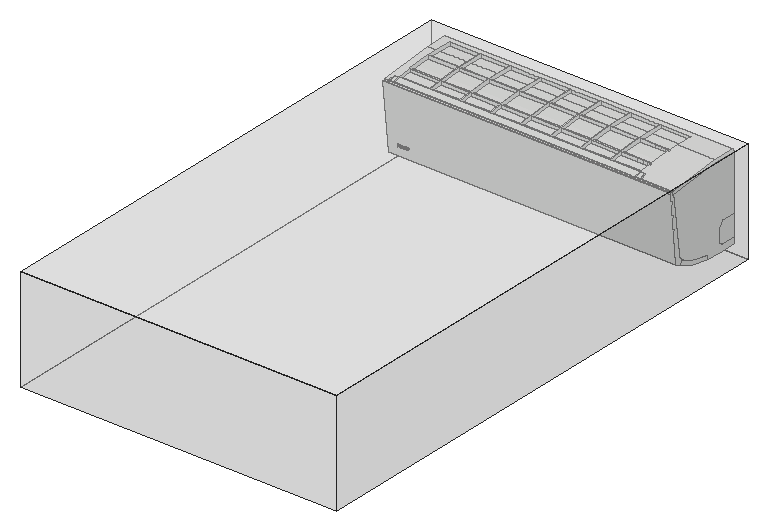
Revit family "outputfile", category 機械設備, Revit 2024
Family settings
  丸型コネクタ寸法 = 半径を使用
  パーツ タイプ = 標準
  OmniClass 番号 = 23.75.10.24.21.27.27
  OmniClass タイトル = Split System Air Conditioning Units
  作業面ベース = いいえ
  常に垂直 = はい
  ロード時にボイドで切り取り = いいえ
  注釈の向きを維持 = いいえ
  共有 = いいえ
  部屋計算ポイント = いいえ
Parameters (values of type "FTKF60DVA")
  Description = ""
  書き出し IFC クラス(タイプ) = "IfcUnitaryEquipmentType"
  定義済み IFC タイプ(タイプ) = "AIRCONDITIONINGUNIT"
  Cost = 0
  Type Comments = ""
  Keynote = ""
  Type Image = (empty or 0)
  Assembly Code = ""
  switch_frequency = yes
  lw_connection [instance] = if(Width = 730.0 mm, 85.0 mm, if(Width = 770.0 mm, 48.0 mm, 60.0 mm))  # 60.0 mm
  製造元 = "Daikin"
  モデル = "FTKF60DVA"
  r_Liquid Pipe Size = Liquid Pipe Size / 2  # 3.2 mm
  r_Gas Pipe Size = Gas Pipe Size / 2  # 6.35 mm
  r_Drain Pipe Size = Drain Pipe Size / 2  # 9.55 mm
  lw_powersupply [instance] = if(Width = 730.0 mm, if(or(Rear Right Connection_refrigerant, Bottom Right Connection_refrigerant), 65.0 mm, if(or(Rear Left Connection_refrigerant, Bottom Left Connection_refrigerant), 695.0 mm, 400.0 mm)), if(Width = 770.0 mm, if(or(Rear Right Connection_refrigerant, Bottom Right Connection_refrigerant), 68.0 mm, if(or(Rear Left Connection_refrigerant, Bottom Left Connection_refrigerant), 705.0 mm, 400.0 mm)), if(or(Rear Right Connection_refrigerant, Bottom Right Connection_refrigerant), 83.0 mm, if(or(Rear Left Connection_refrigerant, Bottom Left Connection_refrigerant), 928.0 mm, 400.0 mm))))  # 400.0 mm
  lw_liquidpipe [instance] = if(Width = 730.0 mm, if(or(Rear Right Connection_refrigerant, Bottom Right Connection_refrigerant), 0.0 mm, if(or(Rear Left Connection_refrigerant, Bottom Left Connection_refrigerant), 582.0 mm, 473.0 mm)), if(Width = 770.0 mm, if(or(Rear Right Connection_refrigerant, Bottom Right Connection_refrigerant), 0.0 mm, if(or(Rear Left Connection_refrigerant, Bottom Left Connection_refrigerant), 682.0 mm, 385.0 mm)), if(or(Rear Right Connection_refrigerant, Bottom Right Connection_refrigerant), 10.0 mm, if(or(Rear Left Connection_refrigerant, Bottom Left Connection_refrigerant), 858.0 mm, 435.0 mm))))  # 435.0 mm
  lw_gaspipe [instance] = if(Width = 730.0 mm, if(or(Rear Right Connection_refrigerant, Bottom Right Connection_refrigerant), 0.0 mm, if(or(Rear Left Connection_refrigerant, Bottom Left Connection_refrigerant), 576.0 mm, 428.0 mm)), if(Width = 770.0 mm, if(or(Rear Right Connection_refrigerant, Bottom Right Connection_refrigerant), 0.0 mm, if(or(Rear Left Connection_refrigerant, Bottom Left Connection_refrigerant), 675.0 mm, 335.0 mm)), if(or(Rear Right Connection_refrigerant, Bottom Right Connection_refrigerant), 0.0 mm, if(or(Rear Left Connection_refrigerant, Bottom Left Connection_refrigerant), 851.0 mm, 400.0 mm))))  # 400.0 mm
  lw_drainpipe [instance] = if(Width = 730.0 mm, if(or(Rear Right Connection_refrigerant, Bottom Right Connection_refrigerant), 0.0 mm, if(or(Rear Left Connection_refrigerant, Bottom Left Connection_refrigerant), 590.0 mm, 488.0 mm)), if(Width = 770.0 mm, if(or(Rear Right Connection_refrigerant, Bottom Right Connection_refrigerant), 0.0 mm, if(or(Rear Left Connection_refrigerant, Bottom Left Connection_refrigerant), 695.0 mm, 440.0 mm)), if(or(Rear Right Connection_refrigerant, Bottom Right Connection_refrigerant), 0.0 mm, if(or(Rear Left Connection_refrigerant, Bottom Left Connection_refrigerant), 888.0 mm, 475.0 mm))))  # 475.0 mm
  l_powersupply_length [instance] = if(Width = 730.0 mm, if(Right Connection_refrigerant, 400.0 mm, if(Left Connection_refrigerant, 330.0 mm, if(or(Bottom Left Connection_refrigerant, Bottom Right Connection_refrigerant), 57.0 mm, if(or(Rear Left Connection_refrigerant, Rear Right Connection_refrigerant), 15.0 mm, 50.0 mm)))), if(Width = 770.0 mm, if(Right Connection_refrigerant, 400.0 mm, if(Left Connection_refrigerant, 370.0 mm, if(or(Bottom Left Connection_refrigerant, Bottom Right Connection_refrigerant), 57.0 mm, if(or(Rear Left Connection_refrigerant, Rear Right Connection_refrigerant), 15.0 mm, 50.0 mm)))), if(Right Connection_refrigerant, 400.0 mm, if(Left Connection_refrigerant, 590.0 mm, if(or(Bottom Left Connection_refrigerant, Bottom Right Connection_refrigerant), 57.0 mm, if(or(Rear Left Connection_refrigerant, Rear Right Connection_refrigerant), 15.0 mm, 50.0 mm))))))  # 400.0 mm
  l_liquidpipe_length [instance] = if(Width = 730.0 mm, if(Right Connection_refrigerant, 558.0 mm, if(Left Connection_refrigerant, 172.0 mm, if(or(Bottom Left Connection_refrigerant, Bottom Right Connection_refrigerant), 48.0 mm, if(or(Rear Left Connection_refrigerant, Rear Right Connection_refrigerant), 30.0 mm, 40.0 mm)))), if(Width = 770.0 mm, if(Right Connection_refrigerant, 433.0 mm, if(Left Connection_refrigerant, 337.0 mm, if(or(Bottom Left Connection_refrigerant, Bottom Right Connection_refrigerant), 48.0 mm, if(or(Rear Left Connection_refrigerant, Rear Right Connection_refrigerant), 30.0 mm, 40.0 mm)))), if(Right Connection_refrigerant, 495.0 mm, if(Left Connection_refrigerant, 495.0 mm, if(or(Bottom Left Connection_refrigerant, Bottom Right Connection_refrigerant), 48.0 mm, if(or(Rear Left Connection_refrigerant, Rear Right Connection_refrigerant), 30.0 mm, 40.0 mm))))))  # 495.0 mm
  l_gaspipe_length [instance] = if(Width = 730.0 mm, if(Right Connection_refrigerant, 513.0 mm, if(Left Connection_refrigerant, 217.0 mm, if(or(Bottom Left Connection_refrigerant, Bottom Right Connection_refrigerant), 57.0 mm, if(or(Rear Left Connection_refrigerant, Rear Right Connection_refrigerant), 40.0 mm, 50.0 mm)))), if(Width = 770.0 mm, if(Right Connection_refrigerant, 383.0 mm, if(Left Connection_refrigerant, 387.0 mm, if(or(Bottom Left Connection_refrigerant, Bottom Right Connection_refrigerant), 57.0 mm, if(or(Rear Left Connection_refrigerant, Rear Right Connection_refrigerant), 40.0 mm, 50.0 mm)))), if(Right Connection_refrigerant, 460.0 mm, if(Left Connection_refrigerant, 530.0 mm, if(or(Bottom Left Connection_refrigerant, Bottom Right Connection_refrigerant), 57.0 mm, if(or(Rear Left Connection_refrigerant, Rear Right Connection_refrigerant), 40.0 mm, 50.0 mm))))))  # 460.0 mm
  l_drainpipe_length [instance] = if(Width = 730.0 mm, if(Right Connection_refrigerant, 573.0 mm, if(Left Connection_refrigerant, 157.0 mm, if(or(Bottom Left Connection_refrigerant, Bottom Right Connection_refrigerant), 35.0 mm, if(or(Rear Left Connection_refrigerant, Rear Right Connection_refrigerant), 15.0 mm, 20.0 mm)))), if(Width = 770.0 mm, if(Right Connection_refrigerant, 488.0 mm, if(Left Connection_refrigerant, 282.0 mm, if(or(Bottom Left Connection_refrigerant, Bottom Right Connection_refrigerant), 35.0 mm, if(or(Rear Left Connection_refrigerant, Rear Right Connection_refrigerant), 15.0 mm, 20.0 mm)))), if(Right Connection_refrigerant, 535.0 mm, if(Left Connection_refrigerant, 455.0 mm, if(or(Bottom Left Connection_refrigerant, Bottom Right Connection_refrigerant), 35.0 mm, if(or(Rear Left Connection_refrigerant, Rear Right Connection_refrigerant), 15.0 mm, 20.0 mm))))))  # 535.0 mm
  h*** = 0.0 mm  # constant formula
  connector_voltage = Voltage_60Hz  # 220 V
  connector_powerinput = [Power Input (Cooling)]  # 0.000 kW
  connector_phase = Phase_60Hz  # 1
  angle_vertical [instance] = if(or(Bottom Left Connection_refrigerant, Bottom Right Connection_refrigerant), 0.00°, 90.00°)  # 90.00°
  angle_horizontal [instance] = if(Right Connection_refrigerant, 90.00°, if(Left Connection_refrigerant, -90.00°, if(or(Rear Left Connection_refrigerant, Rear Right Connection_refrigerant), 180.00°, 0.00°)))  # 90.00°
  Width = 990.0 mm
  Voltage_comment_60Hz = "220"
  Voltage_60Hz = 220 V
  Version = "ver.1.0"
  Unit Type = "Wall Mounted"
  Unit Mass Weight = 13.00 kg
  Unit Designation [instance] = ""
  Uniclass2015Version = "Products v1.30"
  Uniclass2015Title = "Split coil room air conditioning units"
  Uniclass2015Code = "Pr_70_65_03_86"
  URL = ""
  Total Cooling Capacity [instance] = 0.000 kW
  Sound Pressure Level_M speed (dBA) = 41
  Sound Pressure Level_L speed (dBA) = 36
  Sound Pressure Level_H speed (dBA) = 43
  Sound Power Level_H speed (dB) = 0
  Series = "Single Split_Fan Coil Unit"
  Sensible Cooling Capacity [instance] = 0.000 kW
  Refrigerant Type = "R32"
  Power Input (Cooling) = 0.000 kW
  Phase_60Hz = 1
  Option Accessory 3 [instance] = ""
  Option Accessory 2 [instance] = ""
  Option Accessory 1 [instance] = ""
  Nominal Cooling Capacity = 6.590 kW
  Minimum Circuit Amps_60Hz = 0.0 A
  Minimum Airflow = 816.00 m³/h
  Median Airflow = 951.00 m³/h
  Maximum Fuse Amps_60Hz = 0.0 A
  Maximum Airflow = 1090.00 m³/h
  Material_Casing = DAIKIN_White_Casing_indoorunit
  Load Classification = HVAC
  Liquid Pipe Size = 6.4 mm
  Link_Nested Family [instance] = ""
  IfcVersion = ""
  IfcExportType = "AIRCONDITIONINGUNIT"
  IfcExportAs = "IfcUnitaryEquipmentType"
  Height = 297.0 mm
  Heat Exchanger Type = "Cross Fin Coil"
  Gas Pipe Size = 12.7 mm
  Frequency_60Hz = 60 Hz
  Fan Type = "Cross Flow Fan"
  Fan Drive = "Direct Drive"
  FCU Tag No. [instance] = ""
  Drain Pipe Size = 19.1 mm
  Design Supply Airflow [instance] = 0.00 m³/h
  Depth = 273.0 mm
  既定の高さ = 0.0 mm
  Cooling Entering Wet Bulb Temperature [instance] = 0.00 °C
  Cooling Entering Dry Bulb Temperature [instance] = 0.00 °C
  Cooling Ambient Wet Bulb Temperature [instance] = 0.00 °C
  Cooling Ambient Dry Bulb Temperature [instance] = 0.00 °C
  Clearance visibility [instance] = yes
  Clearance Top = 30.0 mm
  Clearance Right = 50.0 mm
  Clearance Rear = 0.0 mm
  Clearance Left = 50.0 mm
  Clearance Front = 1500.0 mm
  Clearance Bottom = 30.0 mm
  Bottom Right Connection_refrigerant [instance] = no
  Bottom Left Connection_refrigerant [instance] = no
  Rear Right Connection_refrigerant [instance] = no
  Rear Left Connection_refrigerant [instance] = no
  Right Connection_refrigerant [instance] = yes
  Left Connection_refrigerant [instance] = no
Reference planes
  plane 1 "Back": y = 0
  plane 2: z = 0
  plane 3 "Center (Left/Right)": x = 0
  plane 4 "Center (Front/Back)": y = -136.5
  plane 5 "Front": y = -273
  plane 6 "Left": x = -495
  plane 7 "Right": x = 495
  plane 8 "Top": z = 0
  plane 9 "Bottom": z = -297
  plane 10 "Front panel_Left": x = -493
  plane 11 "Front panel_Right": x = 493
  plane 12: x = 359
  plane 13: x = 354
  plane 14: x = -545
  plane 15: x = 545
  plane 16: y = 0
  plane 17: y = -213
  plane 18: z = 30
  plane 19: z = -327
  plane 20 "lw_Piping and Wiring intake": x = 435
  plane 21 "lw_gaspipe": x = 35
  plane 22 "lw_liquidpipe": x = 0
  plane 23 "lw_drainpipe": x = -40
  plane 24 "lh_drainpipe": z = -262
  plane 25 "lh_liquidpipe": z = -249
  plane 26 "lh_gaspipe": z = -240
  plane 27 "ld_drainpipe": y = -15
  plane 28 "ld_liquidpipe": y = -30
  plane 29 "ld_gaspipe": y = -40
  plane 30 "lw_powersupply": x = 95
  plane 31: y = -1773
Dimensions and locks
  equal spacing: plane 6 "Left", plane 3 "Center (Left/Right)", plane 7 "Right"
  "Width": plane 6 "Left" to plane 7 "Right"
  equal spacing: plane 5 "Front", plane 4 "Center (Front/Back)", plane 1 "Back"
  "Depth": plane 5 "Front" to plane 1 "Back"
  "Height": plane 8 "Top" to plane 9 "Bottom"
  locked: plane 10 "Front panel_Left" to plane 6 "Left" at 2
  locked: plane 7 "Right" to plane 11 "Front panel_Right" at 2
  locked: plane 7 "Right" to plane 12 at 136
  locked: plane 12 to plane 13 at 5
  "Clearance Rear": plane 16 to plane 1 "Back"
  "Clearance Top": plane 18 to plane 8 "Top"
  "Clearance Bottom": plane 9 "Bottom" to plane 19
  "lw_connection": plane 20 "lw_Piping and Wiring intake" to plane 7 "Right"
  "lw_gaspipe": plane 21 "lw_gaspipe" to plane 20 "lw_Piping and Wiring intake"
  "lw_liquidpipe": plane 22 "lw_liquidpipe" to plane 20 "lw_Piping and Wiring intake"
  "lw_drainpipe": plane 23 "lw_drainpipe" to plane 20 "lw_Piping and Wiring intake"
  locked: plane 24 "lh_drainpipe" to plane 9 "Bottom" at 35
  locked: plane 25 "lh_liquidpipe" to plane 9 "Bottom" at 48
  locked: plane 26 "lh_gaspipe" to plane 9 "Bottom" at 57
  locked: plane 27 "ld_drainpipe" to plane 1 "Back" at 15
  locked: plane 1 "Back" to plane 28 "ld_liquidpipe" at 30
  locked: plane 1 "Back" to plane 29 "ld_gaspipe" at 40
  "lw_powersupply": plane 30 "lw_powersupply" to plane 7 "Right"
  "Clearance Right": plane 7 "Right" to plane 15
  "Clearance Left": plane 14 to plane 6 "Left"
  "Clearance Front": plane 5 "Front" to plane 31
  aligned and locked: level to plane 2
  aligned and locked: plane 16 to nested 1
  aligned and locked: nested 1 to plane 14
  aligned and locked: nested 1 to plane 15
  aligned and locked: plane 19 to nested 1
  aligned and locked: plane 18 to nested 1
  aligned and locked: plane 21 "lw_gaspipe" to nested 2
  aligned and locked: nested 2 to plane 29 "ld_gaspipe"
  aligned and locked: plane 22 "lw_liquidpipe" to nested 3
  aligned and locked: nested 3 to plane 28 "ld_liquidpipe"
  aligned and locked: plane 23 "lw_drainpipe" to nested 4
  aligned and locked: nested 4 to plane 27 "ld_drainpipe"
  aligned and locked: nested 5 to plane 27 "ld_drainpipe"
  aligned and locked: plane 30 "lw_powersupply" to nested 5
  aligned and locked: level to plane 8 "Top"
  aligned and locked: nested 1 to plane 31
Nested families
  nested 1: "daikin_clearancespace" at (0, -886.5, -148.381), show <- "Clearance visibility", visible <- "Clearance visibility", Link_Nested Family <- "Link_Nested Family", type "daikin_clearancespace"
    with width 1090.0 mm, show yes, height 357.0 mm, depth 1773.0 mm, Link_Nested Family ""
  nested 2: "daikin_connector_rotate3" at (35, -40, -240), angle_vertical <- "angle_vertical", angle_horizontal <- "angle_horizontal", length <- "l_gaspipe_length", radius <- "r_Gas Pipe Size", type "daikin_connector_rotate3"
    with show no, radius 6.35 mm, length 460.0 mm, angle_vertical 90.00°, angle_horizontal 90.00°
  nested 3: "daikin_connector_rotate3" at (0, -30, -249), angle_vertical <- "angle_vertical", angle_horizontal <- "angle_horizontal", radius <- "r_Liquid Pipe Size", length <- "l_liquidpipe_length", type "daikin_connector_rotate3"
    with show no, radius 3.2 mm, length 495.0 mm, angle_vertical 90.00°, angle_horizontal 90.00°
  nested 4: "daikin_connector_rotate3" at (-40, -15, -262), angle_vertical <- "angle_vertical", angle_horizontal <- "angle_horizontal", length <- "l_drainpipe_length", radius <- "r_Drain Pipe Size", type "daikin_connector_rotate3"
    with show no, radius 9.55 mm, length 535.0 mm, angle_vertical 90.00°, angle_horizontal 90.00°
  nested 5: "daikin_connector_rotate3" at (95, -15, -240), angle_vertical <- "angle_vertical", angle_horizontal <- "angle_horizontal", length <- "l_powersupply_length", type "daikin_connector_rotate3"
    with show no, radius 10.0 mm, length 400.0 mm, angle_vertical 90.00°, angle_horizontal 90.00°
  nested 6: "DAIKIN_indoorunit_FTKF-DVA" at (-31, 0, 0), type "FTKF-DVA"
    with switch_unit1_60-71 yes, switch_unit1_20-25 no, Width 990.0 mm, WALL HOLE-R 48.0 mm, Height 297.0 mm
Connectors
  piping at (495, -40, -240), diameter 12.7, driven by "r_Gas Pipe Size"
    settings: on nested 2, index 1, connector inside diameter 609.6 mm, connector length 0.0 mm, flow factor 0, pipe flow 0.00 m³/h, pressure drop 0.0 Pa, fitting loss kfactor 0, connector angle 0.00°, fixture units 0, engagement length 0.0 mm, angle of deflection 0.00°, flow configuration 1, flow direction 2, fitting loss method 0, system type 29, joint type 0, gender type 0, connector reference index -1, connector utility 0, adjustable connector no, is connector primary yes, connector description "Refrigerant Gas Piping"
  piping at (495, -30, -249), diameter 6.4, driven by "r_Liquid Pipe Size"
    settings: on nested 3, index 2, connector inside diameter 609.6 mm, connector length 0.0 mm, flow factor 0, pipe flow 0.00 m³/h, pressure drop 0.0 Pa, fitting loss kfactor 0, connector angle 0.00°, fixture units 0, engagement length 0.0 mm, angle of deflection 0.00°, flow configuration 1, flow direction 1, fitting loss method 0, system type 29, joint type 0, gender type 0, connector reference index -1, connector utility 0, adjustable connector no, is connector primary no, connector description "Refrigerant Liquid Piping"
  piping at (495, -15, -262), diameter 19.1, driven by "r_Drain Pipe Size"
    settings: on nested 4, index 3, connector inside diameter 609.6 mm, connector length 0.0 mm, flow factor 0, pipe flow 0.00 m³/h, pressure drop 0.0 Pa, fitting loss kfactor 0, connector angle 0.00°, fixture units 0, engagement length 0.0 mm, angle of deflection 0.00°, flow configuration 1, flow direction 2, fitting loss method 4, system type 16, joint type 0, gender type 0, connector reference index -1, connector utility 0, adjustable connector no, is connector primary no, connector description "Condensate Drain Piping"
  electrical at (495, -15, -240), driven by "Load Classification", driven by "connector_voltage", driven by "connector_phase", driven by "connector_powerinput"
    settings: on nested 5, index 4, voltage 220 V, apparent load 0 VA, apparent load phase1 0 VA, apparent load phase2 0 VA, apparent load phase3 0 VA, power factor 1, load classification "HVAC", number of poles 1, system type 30, power factor state 1, is connector primary yes, connector utility no, sub classification motor no, connector description "Power Supply"
Definition of nested family "daikin_clearancespace"
  Parameters (values of type "daikin_clearancespace")
    Description = "daikin_clearancespace"
    width [instance] = 1823.963 mm
    show [instance] = yes
    material = none
    height [instance] = 1359.762 mm
    depth [instance] = 880.0 mm
    Default Elevation = 0.0 mm
    Link_Nested Family [instance] = ""
  Reference planes
    plane 1 "Center (Front/Back)": y = 0
    plane 2 "Center (Elevation)": z = -0.119
    plane 3 "Center (Left/Right)": x = 0
    plane 4: y = 440
    plane 5: y = -440
    plane 6 "Right": x = 911.982
    plane 7 "Left": x = -911.982
    plane 8 "Top": z = 679.762
    plane 9 "Bottom": z = -680
  Forms (mm)
    Extrusion 1, solid, material <- "material", visible <- "show"
      sketch origin (0, 0, 0) x (1, 0, 0) y (0, 1, 0)
        loop
          line (-911.982, 440) -> (-911.982, -440) -> (911.982, -440) -> (911.982, 440) -> (-911.982, 440)
      from -680 to 679.762
  Lines and regions (mm)
    symbolic lines, visible <- "show"
      curve 1: line (911.982, 440, 0) -> (-911.982, 440, 0)
      curve 2: line (-911.982, 440, 0) -> (-911.982, -440, 0)
      curve 3: line (-911.982, -440, 0) -> (911.982, -440, 0)
      curve 4: line (911.982, -440, 0) -> (911.982, 440, 0)
      curve 5: line (911.982, 0, 679.762) -> (-911.982, 0, 679.762)
      curve 6: line (911.982, 0, -680) -> (911.982, 0, 679.762)
      curve 7: line (-911.982, 0, -680) -> (911.982, 0, -680)
      curve 8: line (-911.982, 0, 679.762) -> (-911.982, 0, -680)
      curve 9: line (0, 440, 679.762) -> (0, -440, 679.762)
      curve 10: line (0, -440, 679.762) -> (0, -440, -680)
      curve 11: line (0, 440, -680) -> (0, 440, 679.762)
      curve 12: line (0, -440, -680) -> (0, 440, -680)
  Dimensions and locks
    "width": plane 7 "Left" to plane 6 "Right"
    "depth": plane 4 to plane 5
    "height": plane 8 "Top" to plane 9 "Bottom"
    equal spacing: plane 7 "Left", plane 3 "Center (Left/Right)", plane 6 "Right"
    equal spacing: plane 4, plane 1 "Center (Front/Back)", plane 5
    equal spacing: plane 8 "Top", plane 2 "Center (Elevation)", plane 9 "Bottom"
    aligned and locked: level to plane 2 "Center (Elevation)"
    aligned and locked: Extrusion 1 sketch curve to plane 4
    aligned and locked: plane 7 "Left" to Extrusion 1 sketch curve
    aligned and locked: Extrusion 1 sketch curve to plane 5
    aligned and locked: Extrusion 1 sketch curve to plane 6 "Right"
    aligned and locked: plane 8 "Top" to Extrusion 1
    aligned and locked: curve 1 to Extrusion 1
    aligned and locked: curve 2 to Extrusion 1
    aligned and locked: curve 3 to Extrusion 1
    aligned and locked: curve 4 to Extrusion 1
    aligned and locked: curve 5 to Extrusion 1
    aligned and locked: curve 6 to Extrusion 1
    aligned and locked: curve 7 to Extrusion 1
    aligned and locked: curve 8 to Extrusion 1
    aligned and locked: curve 9 to Extrusion 1
    aligned and locked: curve 10 to Extrusion 1
    aligned and locked: curve 11 to Extrusion 1
    aligned and locked: curve 12 to Extrusion 1
    aligned and locked: Extrusion 1 to plane 9 "Bottom"
Definition of nested family "DAIKIN_indoorunit_FTKF-DVA"
  Parameters (values of type "FTKF-DVA")
    switch_unit1_60-71 = Width = 990.0 mm  # no
    switch_unit1_35-50 = Width = 770.0 mm  # no
    switch_unit1_20-25 = Width = 730.0 mm  # yes
    Width = 730.0 mm
    WALL HOLE-R = if(Width = 730.0 mm, 79.0 mm, 48.0 mm)  # 79.0 mm
    Material_Casing = none
    Height = if(Width = 730.0 mm, 280.0 mm, if(Width = 770.0 mm, 288.0 mm, 297.0 mm))  # 280.0 mm
    Default Elevation = 0.0 mm
  Reference planes
    plane 1 "Center (Front/Back)": y = 0
    plane 2 "reference_level": z = 0
    plane 3 "Center (Left/Right)": x = 31
    plane 4: x = -334
    plane 5: x = 396
    plane 6: z = -280
  Forms (mm)
    Extrusion 1, solid, material <- "Material_Casing", visible <- "switch_unit1_20-25"
      sketch origin (31, 0, 0) x (0, 1, 0) y (0, 0, 1)
        loop
          line (-109.519, -8) -> (-2.596, -8) -> (-8.198, 0) -> (-109.608, 0)
          arc (-109.608, 0) -> (-157.226, -5.2) -> (-202.599, -20.555) r 220.623
          line (-202.599, -20.555) -> (-202.447, -29.25)
          arc (-202.447, -29.25) -> (-157.182, -13.38) -> (-109.519, -8) r 213.82
      from -365 to 365
    Extrusion 2, solid, material <- "Material_Casing", visible <- "switch_unit1_20-25"
      sketch origin (416, 1304.033, 1200.206) x (0, 1, 0) y (0, 0, 1)
        loop
          arc (-1496.513, -1423.164) -> (-1487.225, -1434.204) -> (-1476.373, -1443.711) r 95
          arc (-1476.373, -1443.711) -> (-1448.371, -1461.92) -> (-1418.191, -1476.232) r 250
          line (-1418.191, -1476.232) -> (-1418.191, -1465.318)
          arc (-1418.191, -1465.318) -> (-1445.052, -1452.134) -> (-1470.063, -1435.711) r 240
          arc (-1470.063, -1435.711) -> (-1477.766, -1429.186) -> (-1484.641, -1421.794) r 85
          line (-1484.641, -1421.794) -> (-1496.513, -1423.164)
      from -20 to -177
    Extrusion 3, solid, material <- "Material_Casing", visible <- "switch_unit1_20-25"
      sketch origin (31, 0, 0) x (0, 1, 0) y (0, 0, 1)
        loop
          line (-202.769, -10.816) -> (-211.618, -13.692)
          arc (-211.618, -13.692) -> (-212.628, -14.432) -> (-213, -15.629) r 2
          line (-213, -15.629) -> (-210.348, -167.5)
          arc (-210.348, -167.5) -> (-206.029, -195.818) -> (-193.465, -221.562) r 95
          line (-193.465, -221.562) -> (-181.653, -220.199)
          arc (-181.653, -220.199) -> (-195.31, -195.356) -> (-200.037, -167.403) r 85
          line (-200.037, -167.403) -> (-202.769, -10.816)
      from -365 to 365
    Extrusion 4, solid, material <- "Material_Casing", visible <- "switch_unit1_20-25"
      sketch origin (31, 0, 0) x (0, 1, 0) y (0, 0, 1)
        loop
          line (0, -280) -> (0, -11.707) -> (-2.596, -8) -> (-109.519, -8)
          arc (-109.519, -8) -> (-156.378, -13.198) -> (-200.959, -28.539) r 213.82
          line (-200.959, -28.539) -> (-198.537, -167.295)
          arc (-198.537, -167.295) -> (-189.766, -204.754) -> (-165.131, -234.305) r 83.5
          arc (-165.131, -234.305) -> (-139.841, -250.873) -> (-112.659, -264.109) r 238.5
          line (-112.659, -264.109) -> (-112.659, -276.338)
          arc (-112.659, -276.338) -> (-100.834, -279.079) -> (-88.731, -280) r 80
          line (-88.731, -280) -> (0, -280)
      from -365 to 365
    Extrusion 5, solid, material <- "Material_Casing", visible <- "switch_unit1_20-25"
      sketch origin (-354, 1304.033, 1200.206) x (0, 1, 0) y (0, 0, 1)
        loop
          arc (-1496.513, -1423.164) -> (-1487.225, -1434.204) -> (-1476.373, -1443.711) r 95
          arc (-1476.373, -1443.711) -> (-1448.371, -1461.92) -> (-1418.191, -1476.232) r 250
          line (-1418.191, -1476.232) -> (-1418.191, -1465.318)
          arc (-1418.191, -1465.318) -> (-1445.052, -1452.134) -> (-1470.063, -1435.711) r 240
          arc (-1470.063, -1435.711) -> (-1477.766, -1429.186) -> (-1484.641, -1421.794) r 85
          line (-1484.641, -1421.794) -> (-1496.513, -1423.164)
      from 72 to 20
    Extrusion 6, solid, material <- "Material_Casing", visible <- "switch_unit1_20-25"
      sketch origin (31, 7.782, 0.206) x (0, 1, 0) y (0, 0, 1)
        loop
          line (-188.39, -221.794) -> (-200.262, -223.164)
          arc (-200.262, -223.164) -> (-190.975, -234.204) -> (-180.122, -243.711) r 95
          arc (-180.122, -243.711) -> (-152.12, -261.92) -> (-121.941, -276.232) r 250
          line (-121.941, -276.232) -> (-121.941, -265.318)
          arc (-121.941, -265.318) -> (-148.801, -252.134) -> (-173.813, -235.711) r 240
          arc (-173.813, -235.711) -> (-181.515, -229.186) -> (-188.39, -221.794) r 85
      from 204 to -309
    Extrusion 7, void
      sketch origin (31, 0, -235) x (1, 0, 0) y (0, 1, 0)
        loop
          line (-324.633, -72.419) -> (-304, -73.5) -> (-234.9, -73.5) -> (-234.9, -24.5) -> (-324.633, -24.5) -> (-324.633, -72.419)
        loop
          line (-304, -74.9) -> (-324.633, -75.939) -> (-324.633, -139.819) -> (-304, -140.9) -> (-234.9, -140.9) -> (-234.9, -74.9) -> (-304, -74.9)
        loop
          line (-304, -142.3) -> (-324.633, -143.326) -> (-324.633, -182.209) -> (-300, -183.5) -> (-234.9, -183.5) -> (-234.9, -142.3) -> (-304, -142.3)
        loop
          line (-233.5, -142.3) -> (-233.5, -183.5) -> (-146.9, -183.5) -> (-146.9, -142.3) -> (-233.5, -142.3)
        loop
          line (-233.5, -140.9) -> (-146.9, -140.9) -> (-146.9, -74.9) -> (-233.5, -74.9) -> (-233.5, -140.9)
        loop
          line (-233.5, -73.5) -> (-146.9, -73.5) -> (-146.9, -24.5) -> (-233.5, -24.5) -> (-233.5, -73.5)
        loop
          line (-145.5, -73.5) -> (-74.9, -73.5) -> (-54.9, -72.452) -> (-54.9, -24.5) -> (-145.5, -24.5) -> (-145.5, -73.5)
        loop
          line (-145.5, -74.9) -> (-145.5, -140.9) -> (-74.9, -140.9) -> (-54.9, -139.852) -> (-54.9, -75.948) -> (-74.9, -74.9) -> (-145.5, -74.9)
        loop
          line (-145.5, -142.3) -> (-145.5, -183.5) -> (-74.9, -183.5) -> (-54.9, -182.452) -> (-54.9, -143.348) -> (-74.9, -142.3) -> (-145.5, -142.3)
        loop
          line (-53.5, -24.5) -> (-53.5, -72.452) -> (-33.5, -73.5) -> (36.5, -73.5) -> (36.5, -24.5) -> (-53.5, -24.5)
        loop
          line (-53.5, -75.948) -> (-53.5, -139.852) -> (-33.5, -140.9) -> (36.5, -140.9) -> (36.5, -74.9) -> (-33.5, -74.9) -> (-53.5, -75.948)
        loop
          line (-33.5, -142.3) -> (-53.5, -143.348) -> (-53.5, -182.452) -> (-33.5, -183.5) -> (36.5, -183.5) -> (36.5, -142.3) -> (-33.5, -142.3)
        loop
          line (37.9, -24.5) -> (37.9, -73.5) -> (124.9, -73.5) -> (124.9, -24.5) -> (37.9, -24.5)
        loop
          line (37.9, -74.9) -> (37.9, -140.9) -> (124.9, -140.9) -> (124.9, -74.9) -> (37.9, -74.9)
        loop
          line (37.9, -142.3) -> (37.9, -183.5) -> (124.9, -183.5) -> (124.9, -142.3) -> (37.9, -142.3)
        loop
          line (126.3, -24.5) -> (126.3, -73.5) -> (195.6, -73.5) -> (216, -72.431) -> (216, -24.5) -> (126.3, -24.5)
        loop
          line (126.3, -74.9) -> (126.3, -140.9) -> (198.5, -140.9) -> (216, -139.983) -> (216, -75.817) -> (198.5, -74.9) -> (126.3, -74.9)
        loop
          line (126.3, -142.3) -> (126.3, -183.5) -> (198.337, -183.5) -> (216, -182.623) -> (216, -143.217) -> (198.5, -142.3) -> (126.3, -142.3)
      from 201.638 to 250
    Extrusion 8, solid, material <- "Material_Casing"
      sketch origin (31, 0, 0) x (1, 0, 0) y (0, 0, 1)
        loop
          circle (286, -235) r 40
        loop
          circle (-317, -235) r 40
      from 0 to 5
    Extrusion 9, solid, material <- "Material_Casing", visible <- "switch_unit1_20-25"
      sketch origin (396, 1296.25, 1200) x (0, -1, 0) y (0, 0, 1)
        loop
          line (1326.25, -1413) -> (1296.25, -1413) -> (1296.25, -1473) -> (1326.25, -1473)
          arc (1326.25, -1473) -> (1340.393, -1467.142) -> (1346.25, -1453) r 20
          line (1346.25, -1453) -> (1346.25, -1433)
          arc (1346.25, -1433) -> (1340.393, -1418.858) -> (1326.25, -1413) r 20
      from 0 to 5
    Extrusion 10, solid, material <- "Material_Casing", visible <- "switch_unit1_20-25"
      sketch origin (-334, 1296.25, 1200) x (0, 1, 0) y (0, 0, 1)
        loop
          line (-1296.25, -1413) -> (-1326.25, -1413)
          arc (-1326.25, -1413) -> (-1340.393, -1418.858) -> (-1346.25, -1433) r 20
          line (-1346.25, -1433) -> (-1346.25, -1453)
          arc (-1346.25, -1453) -> (-1340.393, -1467.142) -> (-1326.25, -1473) r 20
          line (-1326.25, -1473) -> (-1296.25, -1473) -> (-1296.25, -1413)
      from 0 to 5
    Extrusion 11, solid, material <- "Material_Casing", visible <- "switch_unit1_20-25"
      sketch origin (11, 0, -285) x (-1, 0, 0) y (0, -1, 0)
        loop
          line (-279, 0) -> (-279, 30)
          arc (-279, 30) -> (-284.419, 43.081) -> (-297.5, 48.5) r 18.5
          line (-297.5, 48.5) -> (-320.5, 48.5)
          arc (-320.5, 48.5) -> (-333.581, 43.081) -> (-339, 30) r 18.5
          line (-339, 30) -> (-339, 0) -> (-279, 0)
        loop
          line (326, 0) -> (326, 30)
          arc (326, 30) -> (320.581, 43.081) -> (307.5, 48.5) r 18.5
          line (307.5, 48.5) -> (284.5, 48.5)
          arc (284.5, 48.5) -> (271.419, 43.081) -> (266, 30) r 18.5
          line (266, 30) -> (266, 0) -> (326, 0)
      from 10 to 5
    Extrusion 12, solid, material <- "Material_Casing", visible <- "switch_unit1_35-50"
      sketch origin (31, 0, 0) x (0, 1, 0) y (0, 0, 1)
        loop
          line (-5, 0) -> (-45.84, 0)
          arc (-45.84, 0) -> (-135.906, -3.965) -> (-225.275, -15.831) r 1024.823
          arc (-225.275, -15.831) -> (-224.639, -21.302) -> (-223.878, -26.758) r 241.564
          arc (-223.878, -26.758) -> (-135.207, -14.947) -> (-45.84, -11) r 1013.66
          line (-45.84, -11) -> (0, -11) -> (0, -9.02) -> (-5, 0)
      from -385 to 385
    Extrusion 13, solid, material <- "Material_Casing", visible <- "switch_unit1_35-50"
      sketch origin (31, 0, 0) x (0, 1, 0) y (0, 0, 1)
        loop
          arc (-226.673, -12.416) -> (-229.519, -12.929) -> (-232.363, -13.449) r 1025.776
          arc (-232.363, -13.449) -> (-233.586, -14.198) -> (-233.994, -15.573) r 2
          line (-233.994, -15.573) -> (-218.08, -217.408)
          arc (-218.08, -217.408) -> (-211.296, -237.286) -> (-195.807, -251.472) r 42.415
          line (-195.807, -251.472) -> (-186.556, -243.946)
          arc (-186.556, -243.946) -> (-193.981, -235.221) -> (-197.648, -224.366) r 30.386
          line (-197.648, -224.366) -> (-226.673, -12.416)
      from -385 to 385
    Extrusion 14, void
      sketch origin (33, 0, 0) x (1, 0, 0) y (0, 1, 0)
        loop
          line (-357.499, -23.5) -> (-357.499, -96.7) -> (-255.999, -96.7) -> (-255.999, -23.5) -> (-357.499, -23.5)
        loop
          line (-255.999, -99.1) -> (-357.499, -99.1) -> (-357.499, -170.1) -> (-255.999, -170.1) -> (-255.999, -99.1)
        loop
          line (-255.999, -171.7) -> (-357.499, -171.7) -> (-357.499, -201.7) -> (-255.999, -201.7) -> (-255.999, -171.7)
        loop
          line (-253.399, -23.5) -> (-253.399, -96.7) -> (-153.899, -96.7) -> (-153.899, -23.5) -> (-253.399, -23.5)
        loop
          line (-253.399, -99.1) -> (-253.399, -170.1) -> (-153.899, -170.1) -> (-153.899, -99.1) -> (-253.399, -99.1)
        loop
          line (-153.899, -171.7) -> (-253.399, -171.7) -> (-253.399, -201.7) -> (-153.899, -201.7) -> (-153.899, -171.7)
        loop
          line (-56.549, -23.5) -> (-151.299, -23.5) -> (-151.299, -96.7) -> (-56.549, -96.7) -> (-56.549, -23.5)
        loop
          line (-151.299, -99.1) -> (-151.299, -170.1) -> (-56.549, -170.1) -> (-56.549, -99.1) -> (-151.299, -99.1)
        loop
          line (-56.549, -171.7) -> (-151.299, -171.7) -> (-151.299, -201.7) -> (-56.549, -201.7) -> (-56.549, -171.7)
        loop
          line (50.301, -23.5) -> (-44.549, -23.5) -> (-44.549, -96.7) -> (50.301, -96.7) -> (50.301, -23.5)
        loop
          line (-44.549, -99.1) -> (-44.549, -170.1) -> (50.301, -170.1) -> (50.301, -99.1) -> (-44.549, -99.1)
        loop
          line (50.301, -171.7) -> (-44.549, -171.7) -> (-44.549, -201.7) -> (50.301, -201.7) -> (50.301, -171.7)
        loop
          line (52.901, -23.5) -> (52.901, -96.7) -> (152.401, -96.7) -> (152.401, -23.5) -> (52.901, -23.5)
        loop
          line (52.901, -99.1) -> (52.901, -170.1) -> (152.401, -170.1) -> (152.401, -99.1) -> (52.901, -99.1)
        loop
          line (52.901, -171.7) -> (52.901, -201.7) -> (152.401, -201.7) -> (152.401, -171.7) -> (52.901, -171.7)
        loop
          line (155.001, -23.5) -> (155.001, -96.7) -> (256.501, -96.7) -> (256.501, -23.5) -> (155.001, -23.5)
        loop
          line (155.001, -99.1) -> (155.001, -170.1) -> (217.501, -170.1) -> (229.501, -170.1) -> (241.501, -170.1) -> (256.501, -170.1) -> (256.501, -152.1) -> (256.501, -134.1) -> (256.501, -116.1) -> (256.501, -99.1) -> (241.501, -99.1) -> (229.501, -99.1) -> (217.501, -99.1) -> (155.001, -99.1)
        loop
          line (155.001, -171.7) -> (155.001, -201.7) -> (217.501, -201.7) -> (229.501, -201.7) -> (241.501, -201.7) -> (256.501, -201.7) -> (256.501, -171.7) -> (241.501, -171.7) -> (229.501, -171.7) -> (217.501, -171.7) -> (155.001, -171.7)
      from -40.013 to 47.268
    Extrusion 15, solid, material <- "Material_Casing", visible <- "switch_unit1_35-50"
      sketch origin (-356, 1308.25, 1200) x (0, 1, 0) y (0, 0, -1)
        loop
          line (-1407.524, 1473.254) -> (-1407.524, 1484.154)
          arc (-1407.524, 1484.154) -> (-1456.679, 1472.122) -> (-1503.106, 1451.987) r 299.52
          line (-1503.106, 1451.987) -> (-1494.032, 1444.604)
          arc (-1494.032, 1444.604) -> (-1451.915, 1462.363) -> (-1407.524, 1473.254) r 288.723
      from -2 to -49.5
    Extrusion 16, solid, material <- "Material_Casing", visible <- "switch_unit1_35-50"
      sketch origin (418, 1308.25, 1200) x (0, 1, 0) y (0, 0, 1)
        loop
          arc (-1407.524, -1473.254) -> (-1451.915, -1462.363) -> (-1494.032, -1444.604) r 288.723
          line (-1494.032, -1444.604) -> (-1503.106, -1451.987)
          arc (-1503.106, -1451.987) -> (-1456.679, -1472.122) -> (-1407.524, -1484.154) r 299.52
          line (-1407.524, -1484.154) -> (-1407.524, -1473.254)
      from -2 to -119.5
    Extrusion 17, solid, material <- "Material_Casing", visible <- "switch_unit1_35-50"
      sketch origin (418, 1308.25, 1200) x (0, 1, 0) y (0, 0, 1)
        loop
          line (-1407.524, -1484.154) -> (-1407.524, -1473.254)
          arc (-1407.524, -1473.254) -> (-1451.915, -1462.363) -> (-1494.032, -1444.604) r 288.723
          line (-1494.032, -1444.604) -> (-1503.106, -1451.987)
          arc (-1503.106, -1451.987) -> (-1456.679, -1472.122) -> (-1407.524, -1484.154) r 299.52
      from -119.5 to -724.5
    Extrusion 18, solid, material <- "Material_Casing", visible <- "switch_unit1_35-50"
      sketch origin (31, 0, -30) x (0, 1, 0) y (0, 0, 1)
        loop
          arc (-45.84, 19) -> (-135.218, 15.052) -> (-223.901, 3.238) r 1013.66
          line (-223.901, 3.238) -> (-196.855, -194.257)
          arc (-196.855, -194.257) -> (-192.985, -205.344) -> (-185.107, -214.052) r 29.589
          arc (-185.107, -214.052) -> (-142.926, -231.76) -> (-98.473, -242.568) r 288.081
          line (-98.473, -242.568) -> (-98.525, -254.271)
          arc (-98.525, -254.271) -> (-75.337, -257.066) -> (-52, -258) r 292.099
          line (-52, -258) -> (0, -258) -> (0, 19) -> (-45.84, 19)
      from -385 to 385
    Extrusion 19, solid, material <- "Material_Casing", visible <- "switch_unit1_35-50"
      sketch origin (416, 1296.25, 1200) x (0, -1, 0) y (0, 0, 1)
        loop
          line (1329.05, -1409.6) -> (1296.25, -1409.6) -> (1296.25, -1469.6) -> (1329.05, -1469.6)
          arc (1329.05, -1469.6) -> (1342.627, -1463.976) -> (1348.25, -1450.4) r 19.2
          line (1348.25, -1450.4) -> (1348.25, -1428.8)
          arc (1348.25, -1428.8) -> (1342.627, -1415.224) -> (1329.05, -1409.6) r 19.2
      from 0 to 5
    Extrusion 20, solid, material <- "Material_Casing", visible <- "switch_unit1_35-50"
      sketch origin (-349, 1296.25, 1200) x (0, -1, 0) y (0, 0, 1)
        loop
          line (1329.05, -1409.6) -> (1296.25, -1409.6) -> (1296.25, -1469.6) -> (1329.05, -1469.6)
          arc (1329.05, -1469.6) -> (1342.627, -1463.976) -> (1348.25, -1450.4) r 19.2
          line (1348.25, -1450.4) -> (1348.25, -1428.8)
          arc (1348.25, -1428.8) -> (1342.627, -1415.224) -> (1329.05, -1409.6) r 19.2
      from 0 to 5
    Extrusion 21, solid, material <- "Material_Casing", visible <- "switch_unit1_35-50"
      sketch origin (31, 200, -288) x (-1, 0, 0) y (0, -1, 0)
        loop
          line (369, 200) -> (369, 232)
          arc (369, 232) -> (363.142, 246.142) -> (349, 252) r 20
          line (349, 252) -> (329, 252)
          arc (329, 252) -> (314.858, 246.142) -> (309, 232) r 20
          line (309, 232) -> (309, 200) -> (369, 200)
        loop
          line (-369, 200) -> (-309, 200) -> (-309, 232)
          arc (-309, 232) -> (-314.858, 246.142) -> (-329, 252) r 20
          line (-329, 252) -> (-349, 252)
          arc (-349, 252) -> (-363.142, 246.142) -> (-369, 232) r 20
          line (-369, 232) -> (-369, 200)
      from 0 to 5
    Extrusion 22, void
      sketch origin (0, 0, 0) x (1, 0, 0) y (0, 1, 0)
        loop
          line (-308, -185.757) -> (-308, -202.769) -> (262, -202.769) -> (262, -185.757) -> (-308, -185.757)
      from -35 to 0
    Extrusion 23, solid, material <- "Material_Casing", visible <- "switch_unit1_20-25"
      sketch origin (0, 0, 0) x (1, 0, 0) y (0, 1, 0)
        loop
          line (-308, -185.757) -> (-308, -202.757) -> (-293, -202.757) -> (-293, -185.757) -> (-308, -185.757)
        loop
          line (262, -185.757) -> (247, -185.757) -> (247, -202.757) -> (262, -202.757) -> (262, -185.757)
      from -35 to 0
    Extrusion 24, solid, material <- "Material_Casing", visible <- "switch_unit1_20-25"
      sketch origin (0, 0, 0) x (1, 0, 0) y (0, 1, 0)
        loop
          line (-293, -190.757) -> (-293, -202.757) -> (247, -202.757) -> (247, -190.757) -> (203.171, -190.757) -> (203.171, -194.257)
          arc (203.171, -194.257) -> (202.732, -195.318) -> (201.671, -195.757) r 1.5
          line (201.671, -195.757) -> (180.129, -195.757)
          arc (180.129, -195.757) -> (179.068, -195.318) -> (178.629, -194.257) r 1.5
          line (178.629, -194.257) -> (178.629, -190.757) -> (46.421, -190.757) -> (46.421, -194.257)
          arc (46.421, -194.257) -> (45.982, -195.318) -> (44.921, -195.757) r 1.5
          line (44.921, -195.757) -> (23.379, -195.757)
          arc (23.379, -195.757) -> (22.318, -195.318) -> (21.879, -194.257) r 1.5
          line (21.879, -194.257) -> (21.879, -190.757) -> (-68.079, -190.757) -> (-68.079, -194.257)
          arc (-68.079, -194.257) -> (-68.518, -195.318) -> (-69.579, -195.757) r 1.5
          line (-69.579, -195.757) -> (-91.121, -195.757)
          arc (-91.121, -195.757) -> (-92.182, -195.318) -> (-92.621, -194.257) r 1.5
          line (-92.621, -194.257) -> (-92.621, -190.757) -> (-224.829, -190.757) -> (-224.829, -194.257)
          arc (-224.829, -194.257) -> (-225.268, -195.318) -> (-226.329, -195.757) r 1.5
          line (-226.329, -195.757) -> (-247.871, -195.757)
          arc (-247.871, -195.757) -> (-248.932, -195.318) -> (-249.371, -194.257) r 1.5
          line (-249.371, -194.257) -> (-249.371, -190.757) -> (-293, -190.757)
      from -35 to 0
    Extrusion 25, void
      sketch origin (31, 0, 0) x (0, 1, 0) y (0, 0, 1)
        loop
          line (-185.757, -13.903) -> (-185.757, 0) -> (-205.202, 0) -> (-205.202, -21.715)
          arc (-205.202, -21.715) -> (-195.563, -17.601) -> (-185.757, -13.903) r 245
        loop
          line (-205.202, -30.526) -> (-205.202, -35) -> (-185.757, -35) -> (-185.757, -22.404)
          arc (-185.757, -22.404) -> (-195.57, -26.249) -> (-205.202, -30.526) r 237
      from 231 to -339
    Extrusion 26, void
      sketch origin (0, 0, 0) x (1, 0, 0) y (0, 1, 0)
        loop
          line (-341.401, -199.9) -> (-342.412, -238.673) -> (306.373, -238.673)
          spline (306.373, -238.673) -> (306.288, -235.451) -> (306.202, -232.228) -> (306.116, -229.002) -> (306.031, -225.775) -> (305.945, -222.546) -> (305.859, -219.316) -> (305.774, -216.084) -> (305.688, -212.85) -> (305.602, -209.615) -> (305.517, -206.378) -> (305.431, -203.14) -> (305.345, -199.9)
          line (305.345, -199.9) -> (290.148, -199.9) -> (290.015, -203.69) -> (-326.04, -203.69) -> (-326.173, -199.9) -> (-341.401, -199.9)
      from 0 to -34.101
    Extrusion 27, solid, material <- "Material_Casing", visible <- "switch_unit1_35-50"
      sketch origin (0, 0, 0) x (1, 0, 0) y (0, 1, 0)
        loop
          line (-324.05, -226.673) -> (-324.05, -203.69) -> (-326.04, -203.69) -> (-326.173, -199.9) -> (-341.401, -199.9) -> (-342.099, -226.673) -> (-324.05, -226.673)
        loop
          line (305.344, -199.9) -> (290.148, -199.9) -> (290.015, -203.69) -> (288.001, -203.69) -> (288.001, -226.673) -> (306.055, -226.673) -> (305.344, -199.9)
      from 0 to -30
    Extrusion 28, solid, material <- "Material_Casing", visible <- "switch_unit1_35-50"
      sketch origin (0, 0, 0) x (1, 0, 0) y (0, 1, 0)
        loop
          line (288.001, -203.69) -> (-324.05, -203.69) -> (-324.05, -226.673) -> (288.001, -226.673) -> (288.001, -203.69)
      from 0 to -30
    Extrusion 29, void
      sketch origin (31, 0, 0) x (0, 1, 0) y (0, 0, 1)
        loop
          arc (-223.878, -26.758) -> (-224.639, -21.302) -> (-225.275, -15.831) r 241.564
          arc (-225.275, -15.831) -> (-212.6, -13.659) -> (-199.9, -11.646) r 1024.823
          line (-199.9, -11.646) -> (-199.9, 0) -> (-238.673, 0) -> (-238.673, -30) -> (-199.9, -30) -> (-199.9, -22.776)
          arc (-199.9, -22.776) -> (-211.901, -24.695) -> (-223.878, -26.758) r 1013.66
      from -385 to 385
    Extrusion 30, void
      sketch origin (31, 12, 0) x (0, 1, 0) y (0, 0, 1)
        loop
          arc (-201.887, -254.601) -> (-173.585, -267.35) -> (-144.115, -277.1) r 299.52
          line (-144.115, -277.1) -> (-122.392, -277.1)
          arc (-122.392, -277.1) -> (-157.174, -267.937) -> (-190.58, -254.601) r 294.52
          line (-190.58, -254.601) -> (-201.887, -254.601)
      from 303 to 335
    Extrusion 31, solid, material <- "Material_Casing", visible <- "switch_unit1_35-50"
      sketch origin (31, 12, 0) x (0, 1, 0) y (0, 0, 1)
        loop
          arc (-201.887, -254.601) -> (-173.585, -267.35) -> (-144.115, -277.1) r 299.52
          line (-144.115, -277.1) -> (-122.392, -277.1)
          arc (-122.392, -277.1) -> (-157.174, -267.937) -> (-190.58, -254.601) r 294.52
          line (-190.58, -254.601) -> (-201.887, -254.601)
      from 303 to 335
    Extrusion 32, void
      sketch origin (31, 12, 0) x (0, 1, 0) y (0, 0, 1)
        loop
          arc (-197.929, -256.6) -> (-189.925, -260.422) -> (-181.811, -264.005) r 299.52
          line (-181.811, -264.005) -> (-173.896, -264.005)
          arc (-173.896, -264.005) -> (-182.522, -260.437) -> (-191.03, -256.6) r 296.52
          line (-191.03, -256.6) -> (-197.929, -256.6)
      from 308.25 to 329.75
    Extrusion 33, solid, material <- "Material_Casing", visible <- "switch_unit1_35-50"
      sketch origin (31, 12, 0) x (0, 1, 0) y (0, 0, 1)
        loop
          line (-191.03, -256.6) -> (-197.929, -256.6)
          arc (-197.929, -256.6) -> (-189.925, -260.422) -> (-181.811, -264.005) r 299.52
          line (-181.811, -264.005) -> (-173.896, -264.005)
          arc (-173.896, -264.005) -> (-182.522, -260.437) -> (-191.03, -256.6) r 296.52
      from 308.25 to 329.75
    Extrusion 34, solid, material <- "Material_Casing", visible <- "switch_unit1_60-71"
      sketch origin (31, 0, 0) x (0, 1, 0) y (0, 0, 1)
        loop
          line (0, -9.411) -> (-5.217, 0) -> (-81.299, 0)
          arc (-81.299, 0) -> (-172.954, -4.661) -> (-263.664, -18.596) r 903.475
          line (-263.664, -18.596) -> (-262.227, -29.099)
          arc (-262.227, -29.099) -> (-172.204, -15.282) -> (-81.24, -10.748) r 889.035
          spline (-81.24, -10.748) -> (-74.468, -10.758) -> (-67.697, -10.768) -> (-60.927, -10.777) -> (-54.156, -10.787) -> (-47.386, -10.797) -> (-40.616, -10.807) -> (-33.846, -10.817) -> (-27.076, -10.827) -> (-20.307, -10.837) -> (-13.538, -10.846) -> (-6.769, -10.856) -> (0, -10.866)
          line (0, -10.866) -> (0, -9.411)
      from -495 to 495
    Extrusion 35, solid, material <- "Material_Casing", visible <- "switch_unit1_60-71"
      sketch origin (31, 0, 0) x (0, 1, 0) y (0, 0, 1)
        loop
          arc (-61.32, -11) -> (-162.288, -14.333) -> (-262.227, -29.099) r 889.035
          line (-262.227, -29.099) -> (-235.753, -222.656)
          arc (-235.753, -222.656) -> (-231.042, -237.333) -> (-221.593, -249.512) r 44.358
          arc (-221.593, -249.512) -> (-169.646, -270.267) -> (-114.65, -280.495) r 285.5
          line (-114.65, -280.495) -> (-114.65, -294.996)
          arc (-114.65, -294.996) -> (-88.244, -296.499) -> (-61.8, -297) r 697.94
          line (-61.8, -297) -> (0, -297) -> (0, -11) -> (-61.32, -11)
      from -495 to 495
    Extrusion 36, solid, material <- "Material_Casing", visible <- "switch_unit1_60-71"
      sketch origin (31, 0.704, 0) x (0, 1, 0) y (0, 0, 1)
        loop
          arc (-234.553, -259.361) -> (-177.189, -283.256) -> (-116.154, -294.93) r 302.598
          line (-116.154, -294.93) -> (-116.154, -281.229)
          arc (-116.154, -281.229) -> (-130.021, -279.659) -> (-143.795, -277.416) r 286.286
          arc (-143.795, -277.416) -> (-184.393, -266.65) -> (-222.978, -250.06) r 286.299
          line (-222.978, -250.06) -> (-234.553, -259.361)
      from -495 to -449
    Extrusion 37, solid, material <- "Material_Casing", visible <- "switch_unit1_60-71"
      sketch origin (86, 0.704, 0) x (0, 1, 0) y (0, 0, 1)
        loop
          arc (-234.553, -259.361) -> (-177.189, -283.256) -> (-116.154, -294.93) r 302.598
          line (-116.154, -294.93) -> (-116.154, -281.229)
          arc (-116.154, -281.229) -> (-130.021, -279.659) -> (-143.795, -277.416) r 286.286
          arc (-143.795, -277.416) -> (-184.393, -266.65) -> (-222.978, -250.06) r 286.299
          line (-222.978, -250.06) -> (-234.553, -259.361)
      from -498 to 288
    Extrusion 38, solid, material <- "Material_Casing", visible <- "switch_unit1_60-71"
      sketch origin (237.5, 0.704, 0) x (0, 1, 0) y (0, 0, 1)
        loop
          arc (-234.553, -259.361) -> (-177.189, -283.256) -> (-116.154, -294.93) r 302.598
          line (-116.154, -294.93) -> (-116.154, -281.229)
          arc (-116.154, -281.229) -> (-130.021, -279.659) -> (-143.795, -277.416) r 286.286
          arc (-143.795, -277.416) -> (-184.393, -266.65) -> (-222.978, -250.06) r 286.299
          line (-222.978, -250.06) -> (-234.553, -259.361)
      from 141.5 to 288.5
    Extrusion 39, solid, material <- "Material_Casing", visible <- "switch_unit1_60-71"
      sketch origin (31, 0, 0) x (0, 1, 0) y (0, 0, 1)
        loop
          arc (-222.666, -249.246) -> (-231.958, -237) -> (-236.602, -222.347) r 45.158
          line (-236.602, -222.347) -> (-264.436, -18.854)
          arc (-264.436, -18.854) -> (-268.128, -19.63) -> (-271.818, -20.421) r 900
          arc (-271.818, -20.421) -> (-272.685, -20.967) -> (-272.999, -21.943) r 1.5
          line (-272.999, -21.943) -> (-248.932, -250.575)
          arc (-248.932, -250.575) -> (-241.732, -254.782) -> (-234.424, -258.8) r 320
          line (-234.424, -258.8) -> (-222.666, -249.246)
      from -495 to 495
    Extrusion 40, solid, material <- "Material_Casing", visible <- "switch_unit1_60-71"
      sketch origin (31, 0, 0) x (0, 1, 0) y (0, 0, 1)
        loop
          arc (-41.8, -202) -> (-55.942, -207.858) -> (-61.8, -222) r 20
          line (-61.8, -222) -> (-61.8, -255.5)
          arc (-61.8, -255.5) -> (-55.942, -269.642) -> (-41.8, -275.5) r 20
          line (-41.8, -275.5) -> (0, -275.5) -> (0, -202) -> (-41.8, -202)
      from -495 to -490
    Extrusion 41, solid, material <- "Material_Casing", visible <- "switch_unit1_60-71"
      sketch origin (31, 0, 0) x (0, 1, 0) y (0, 0, -1)
        loop
          line (-41.8, 202) -> (0, 202) -> (0, 275.5) -> (-41.8, 275.5)
          arc (-41.8, 275.5) -> (-55.942, 269.642) -> (-61.8, 255.5) r 20
          line (-61.8, 255.5) -> (-61.8, 222)
          arc (-61.8, 222) -> (-55.942, 207.858) -> (-41.8, 202) r 20
      from -495 to -490
    Extrusion 42, solid, material <- "Material_Casing", visible <- "switch_unit1_60-71"
      sketch origin (0, 0, 0) x (1, 0, 0) y (0, 1, 0)
        loop
          line (-438, 0) -> (-438, -41.8)
          arc (-438, -41.8) -> (-432.142, -55.942) -> (-418, -61.8) r 20
          line (-418, -61.8) -> (-384.5, -61.8)
          arc (-384.5, -61.8) -> (-370.358, -55.942) -> (-364.5, -41.8) r 20
          line (-364.5, -41.8) -> (-364.5, 0) -> (-438, 0)
        loop
          line (426.5, 0) -> (426.5, -41.8)
          arc (426.5, -41.8) -> (432.358, -55.942) -> (446.5, -61.8) r 20
          line (446.5, -61.8) -> (480, -61.8)
          arc (480, -61.8) -> (494.142, -55.942) -> (500, -41.8) r 20
          line (500, -41.8) -> (500, 0) -> (426.5, 0)
      from -297 to -292
    Extrusion 43, void
      sketch origin (0, 0, 0) x (1, 0, 0) y (0, 1, 0)
        loop
          line (-434.5, -23.5) -> (-434.5, -112.5) -> (-330.5, -112.5) -> (-330.5, -23.5) -> (-434.5, -23.5)
        loop
          line (-434.5, -115.5) -> (-434.5, -192.7) -> (-330.5, -192.7) -> (-330.5, -115.5) -> (-434.5, -115.5)
        loop
          line (-434.5, -195.7) -> (-434.5, -236.8) -> (-330.5, -236.8) -> (-330.5, -195.7) -> (-434.5, -195.7)
        loop
          line (-328, -23.5) -> (-328, -112.5) -> (-227, -112.5) -> (-227, -23.5) -> (-328, -23.5)
        loop
          line (-328, -115.5) -> (-328, -192.7) -> (-227, -192.7) -> (-227, -115.5) -> (-328, -115.5)
        loop
          line (-328, -195.7) -> (-328, -236.8) -> (-227, -236.8) -> (-227, -195.7) -> (-328, -195.7)
        loop
          line (-224.5, -23.5) -> (-224.5, -112.5) -> (-123.5, -112.5) -> (-123.5, -23.5) -> (-224.5, -23.5)
        loop
          line (-224.5, -115.5) -> (-224.5, -192.7) -> (-123.5, -192.7) -> (-123.5, -115.5) -> (-224.5, -115.5)
        loop
          line (-224.5, -195.7) -> (-224.5, -236.8) -> (-123.5, -236.8) -> (-123.5, -195.7) -> (-224.5, -195.7)
        loop
          line (-121, -23.5) -> (-121, -112.5) -> (-20, -112.5) -> (-20, -23.5) -> (-121, -23.5)
        loop
          line (-121, -115.5) -> (-121, -192.7) -> (-20, -192.7) -> (-20, -115.5) -> (-121, -115.5)
        loop
          line (-121, -195.7) -> (-121, -236.8) -> (-20, -236.8) -> (-20, -195.7) -> (-121, -195.7)
        loop
          line (-17.5, -23.5) -> (-17.5, -112.5) -> (83.5, -112.5) -> (83.5, -23.5) -> (-17.5, -23.5)
        loop
          line (-17.5, -115.5) -> (-17.5, -192.7) -> (83.5, -192.7) -> (83.5, -115.5) -> (-17.5, -115.5)
        loop
          line (-17.5, -195.7) -> (-17.5, -236.8) -> (83.5, -236.8) -> (83.5, -195.7) -> (-17.5, -195.7)
        loop
          line (86, -23.5) -> (86, -112.5) -> (187, -112.5) -> (187, -23.5) -> (86, -23.5)
        loop
          line (86, -115.5) -> (86, -192.7) -> (187, -192.7) -> (187, -115.5) -> (86, -115.5)
        loop
          line (86, -195.7) -> (86, -236.8) -> (187, -236.8) -> (187, -195.7) -> (86, -195.7)
        loop
          line (189.5, -23.5) -> (189.5, -112.5) -> (290.5, -112.5) -> (290.5, -23.5) -> (189.5, -23.5)
        loop
          line (189.5, -115.5) -> (189.5, -192.7) -> (290.5, -192.7) -> (290.5, -115.5) -> (189.5, -115.5)
        loop
          line (189.5, -195.7) -> (189.5, -236.8) -> (290.5, -236.8) -> (290.5, -195.7) -> (189.5, -195.7)
        loop
          line (293, -23.5) -> (293, -112.5) -> (397, -112.5) -> (397, -23.5) -> (293, -23.5)
        loop
          line (293, -115.5) -> (293, -192.7) -> (350.7, -192.7) -> (367.5, -192.7) -> (384.75, -192.7) -> (397, -192.7) -> (397, -115.5) -> (384.75, -115.5) -> (367.5, -115.5) -> (350.7, -115.5) -> (293, -115.5)
        loop
          line (293, -195.7) -> (293, -236.8) -> (350.7, -236.8) -> (367.5, -236.8) -> (384.75, -236.8) -> (397, -236.8) -> (397, -195.7) -> (384.75, -195.7) -> (367.5, -195.7) -> (350.7, -195.7) -> (293, -195.7)
      from 30 to -30
    Extrusion 44, void
      sketch origin (0, 0, 0) x (1, 0, 0) y (0, 1, 0)
        loop
          line (411, -239) -> (-449.5, -239) -> (-449.5, -254) -> (-451.5, -254) -> (-451.5, -264.436) -> (415.5, -264.436) -> (415.5, -254) -> (411, -254) -> (411, -239)
      from 0 to -30
    Extrusion 45, solid, material <- "Material_Casing", visible <- "switch_unit1_60-71"
      sketch origin (0, 0, 0) x (1, 0, 0) y (0, 1, 0)
        loop
          line (-451.5, -265) -> (-435.5, -265) -> (-435.5, -239) -> (-449.5, -239) -> (-449.5, -254) -> (-451.5, -254) -> (-451.5, -265)
        loop
          line (398, -265) -> (415.5, -265) -> (415.5, -254) -> (411, -254) -> (411, -239) -> (398, -239) -> (398, -265)
      from 0 to -30
    Extrusion 46, solid, material <- "Material_Casing", visible <- "switch_unit1_60-71"
      sketch origin (0, 0, 0) x (1, 0, 0) y (0, 1, 0)
        loop
          line (-435.5, -239) -> (-435.5, -264.436) -> (397, -264.436) -> (397, -239) -> (-435.5, -239)
      from 0 to -30
    Extrusion 47, void
      sketch origin (31, 0, 0) x (0, 1, 0) y (0, 0, 1)
        loop
          line (-228.739, -12.112) -> (-228.739, 5) -> (-268.475, 5) -> (-268.475, -33.272) -> (-228.739, -33.272) -> (-228.739, -22.853)
          arc (-228.739, -22.853) -> (-245.513, -25.815) -> (-262.227, -29.099) r 889.035
          line (-262.227, -29.099) -> (-263.664, -18.596)
          arc (-263.664, -18.596) -> (-246.233, -15.182) -> (-228.739, -12.112) r 903.475
      from -495 to 495
    Extrusion 48, void
      sketch origin (31, 0.704, 0) x (0, 1, 0) y (0, 0, 1)
        loop
          arc (-230.546, -261.498) -> (-203.172, -274.143) -> (-174.675, -284) r 302.598
          line (-174.675, -284) -> (-154.527, -284)
          arc (-154.527, -284) -> (-187.624, -274.628) -> (-219.42, -261.498) r 297.598
          line (-219.42, -261.498) -> (-230.546, -261.498)
      from 413 to 445
    Extrusion 49, solid, material <- "Material_Casing", visible <- "switch_unit1_60-71"
      sketch origin (31, 0.704, 0) x (0, 1, 0) y (0, 0, 1)
        loop
          arc (-230.546, -261.498) -> (-203.172, -274.143) -> (-174.675, -284) r 302.598
          line (-174.675, -284) -> (-154.527, -284)
          arc (-154.527, -284) -> (-187.624, -274.628) -> (-219.42, -261.498) r 297.598
          line (-219.42, -261.498) -> (-230.546, -261.498)
      from 413 to 445
    Extrusion 50, void
      sketch origin (31, 0.704, 0) x (0, 1, 0) y (0, 0, 1)
        loop
          arc (-226.657, -263.5) -> (-218.833, -267.315) -> (-210.902, -270.904) r 302.598
          line (-210.902, -270.904) -> (-203.176, -270.904)
          arc (-203.176, -270.904) -> (-211.581, -267.329) -> (-219.872, -263.5) r 299.598
          line (-219.872, -263.5) -> (-226.657, -263.5)
      from 418.25 to 439.75
    Extrusion 51, solid, material <- "Material_Casing", visible <- "switch_unit1_60-71"
      sketch origin (31, 0.704, 0) x (0, 1, 0) y (0, 0, 1)
        loop
          arc (-226.657, -263.5) -> (-218.833, -267.315) -> (-210.902, -270.904) r 302.598
          line (-210.902, -270.904) -> (-203.176, -270.904)
          arc (-203.176, -270.904) -> (-211.581, -267.329) -> (-219.872, -263.5) r 299.598
          line (-219.872, -263.5) -> (-226.657, -263.5)
      from 418.25 to 439.75
    Extrusion 52, void
      sketch origin (31, 0, 0) x (0, 1, 0) y (0, 0, 1)
        loop
          arc (-185.09, -232.006) -> (-178.976, -238.044) -> (-172.34, -243.506) r 95
          arc (-172.34, -243.506) -> (-152.916, -256.693) -> (-132.34, -268) r 250
          line (-132.34, -268) -> (-120.445, -268)
          arc (-120.445, -268) -> (-145.718, -255.169) -> (-169.341, -239.505) r 245
          arc (-169.341, -239.505) -> (-173.845, -235.896) -> (-178.109, -232.006) r 90
          line (-178.109, -232.006) -> (-185.09, -232.006)
      from 304.5 to 337.5
    Extrusion 53, solid, material <- "Material_Casing", visible <- "switch_unit1_20-25"
      sketch origin (31, 0, 0) x (0, 1, 0) y (0, 0, 1)
        loop
          arc (-169.341, -239.505) -> (-173.845, -235.896) -> (-178.109, -232.006) r 90
          line (-178.109, -232.006) -> (-185.09, -232.006)
          arc (-185.09, -232.006) -> (-178.976, -238.044) -> (-172.34, -243.506) r 95
          arc (-172.34, -243.506) -> (-152.916, -256.693) -> (-132.34, -268) r 250
          line (-132.34, -268) -> (-120.445, -268)
          arc (-120.445, -268) -> (-145.718, -255.169) -> (-169.341, -239.505) r 245
      from 304.5 to 337.5
    Extrusion 54, void
      sketch origin (31, 0, 0) x (0, 1, 0) y (0, 0, 1)
        loop
          arc (-181.178, -235.993) -> (-176.874, -239.885) -> (-172.34, -243.506) r 95
          arc (-172.34, -243.506) -> (-169.962, -245.267) -> (-167.563, -247) r 250
          line (-167.563, -247) -> (-162.335, -247)
          arc (-162.335, -247) -> (-166.468, -244.095) -> (-170.54, -241.106) r 247
          arc (-170.54, -241.106) -> (-173.711, -238.618) -> (-176.77, -235.993) r 92
          line (-176.77, -235.993) -> (-181.178, -235.993)
      from 310.25 to 331.75
    Extrusion 55, solid, material <- "Material_Casing", visible <- "switch_unit1_20-25"
      sketch origin (31, 0, 0) x (0, 1, 0) y (0, 0, 1)
        loop
          line (-176.77, -235.993) -> (-181.178, -235.993)
          arc (-181.178, -235.993) -> (-176.874, -239.885) -> (-172.34, -243.506) r 95
          arc (-172.34, -243.506) -> (-169.962, -245.267) -> (-167.563, -247) r 250
          line (-167.563, -247) -> (-162.335, -247)
          arc (-162.335, -247) -> (-166.468, -244.095) -> (-170.54, -241.106) r 247
          arc (-170.54, -241.106) -> (-173.711, -238.618) -> (-176.77, -235.993) r 92
      from 310.25 to 331.75
  Cuts and joins
    Extrusion 7, Extrusion 22, Extrusion 25 cuts Extrusion 1
    Extrusion 14, Extrusion 26, Extrusion 29 cuts Extrusion 12
    Extrusion 25 cuts Extrusion 23
    Extrusion 25 cuts Extrusion 24
    Extrusion 29 cuts Extrusion 28
    Extrusion 29 cuts Extrusion 27
    Extrusion 30, Extrusion 32 cuts Extrusion 17
    Extrusion 30 cuts Extrusion 16
    Extrusion 32 cuts Extrusion 31
    Extrusion 43, Extrusion 44 cuts Extrusion 34
    Extrusion 47 cuts Extrusion 45
    Extrusion 48, Extrusion 50 cuts Extrusion 37
